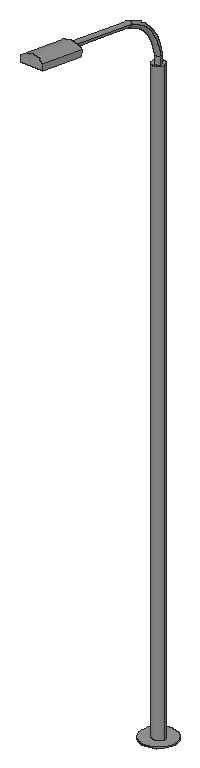
Revit family "Стальной фонарный столб «Техно-Э» со светильником Арт 10234", category Антураж, Revit 2018
Family settings
  На основе рабочей плоскости = Нет
  Всегда вертикально = Да
  При загрузке вырезать с полостями = Нет
  Источник визуального образа = Геометрия семейства
  Общий = Нет
  Точка расчета площади = Нет
Parameters (values of type "Версия 6,2 (160 Вт)")
  Ширина = 200 mm  # constant formula
  Цвет каркаса = Сталь
  Описание = if([Модель 3,2 м], "Стальной фонарный столб «Техно-Э» со светильником. Модель 3,2 м (80 Вт)", if([Модель 4,2 м], "Стальной фонарный столб «Техно-Э» со светильником. Модель 4,2 м (120 Вт)", if([Модель 5,2 м], "Стальной фонарный столб «Техно-Э» со светильником. Модель 5,2 м (160 Вт)", "Стальной фонарный столб «Техно-Э» со светильником. Модель 6,2 м (160 Вт)")))  # "Стальной фонарный столб «Техно-Э» со светильником. Модель 6,2 м (160 Вт)"
  Модель 3,2 м = no
  Модель 5,2 м = no
  Модель 4,2 м = no
  Материал изделия = "Сталь"  # constant formula
  Изображение типоразмера = Стальной фонарный столб «Техно-Э» со светильником Арт 10234.jpg
  Изготовитель = "ООО «Хоббика»"  # constant formula
  Длина = 1500 mm  # constant formula
  Группа модели = "Светильники со стальными опорами"  # constant formula
  Высота опоры = Высота - 700 mm  # 5500 mm
  Высота = if([Модель 3,2 м], 3200 mm, if([Модель 4,2 м], 4200 mm, if([Модель 5,2 м], 5200 mm, 6200 mm)))  # 6200 mm
  Артикул товара = "Арт 10234"  # constant formula
  URL = "https://hobbyka.ru/product/stalnoy_fonarnyy_stolb_tekhnoe_so_svetilnikom/"
Types (5, lengths in mm): name | Описание | Модель 3,2 м | Модель 5,2 м | Модель 4,2 м | Высота опоры | Высота
  (no name) | "Стальной фонарный столб «Техно-Э» со светильником. Модель 6,2 м (160 Вт)" | no | no | no | 5500 | 6200
  Версия 3,2 (80 Вт) | "Стальной фонарный столб «Техно-Э» со светильником. Модель 3,2 м (80 Вт)" | yes | no | no | 2500 | 3200
  Версия 4,2 (120 Вт) | "Стальной фонарный столб «Техно-Э» со светильником. Модель 4,2 м (120 Вт)" | no | no | yes | 3500 | 4200
  Версия 5,2 (160 Вт) | "Стальной фонарный столб «Техно-Э» со светильником. Модель 5,2 м (160 Вт)" | no | yes | no | 4500 | 5200
  Версия 6,2 (160 Вт) | "Стальной фонарный столб «Техно-Э» со светильником. Модель 6,2 м (160 Вт)" | no | no | no | 5500 | 6200
Reference planes
  plane 1 "По центру (Вперед/Назад)": y = 0
  plane 2: z = 0
  plane 3 "По центру (Влево/Вправо)": x = 0
  plane 4: y = -1500
  plane 5: x = 200
  plane 6: z = 6200
Forms (mm)
  Extrusion 1, solid, material "Сталь" <- "Цвет каркаса"
    sketch origin (100, -54, 0) x (1, 0, 0) y (0, 1, 0)
      loop
        circle (0, 0) r 54
    from 5500 <- "Высота опоры" to 0
  Extrusion 2, solid, material "Сталь" <- "Цвет каркаса"
    sketch origin (0, 0, 0) x (1, 0, 0) y (0, 1, 0)
      loop
        circle (100, -54) r 154
    from 0 to 10
Dimensions and locks
  "Длина": plane 4 to plane 1 "По центру (Вперед/Назад)"
  "Ширина": plane 3 "По центру (Влево/Вправо)" to plane 5
  "Высота": plane 6 to level
  aligned and locked: level to plane 2
  aligned and locked: plane 6 to nested 1
  aligned and locked: Extrusion 1 to level
Automatic sketch dimensions
  plane 3 "По центру (Влево/Вправо)" to Extrusion 1 sketch curve = 100 mm
  plane 1 "По центру (Вперед/Назад)" to Extrusion 1 sketch curve = 54 mm
  Extrusion 2 sketch curve to Extrusion 2 sketch curve = 0 mm  (x2)
  plane 3 "По центру (Влево/Вправо)" to Extrusion 2 sketch curve = 100 mm
  plane 1 "По центру (Вперед/Назад)" to Extrusion 2 sketch curve = 54 mm
  Extrusion 2 sketch curve to plane 3 "По центру (Влево/Вправо)" = 54 mm
  radius of Extrusion 1 sketch curve = 54 mm
Nested families
  nested 1: "Стальной фонарный столб «Техно-Э» со светильником светильник" at (100, -54, 5500), type "Стальной фонарный столб «Техно-Э» со светильником светильник"
Definition of nested family "Стальной фонарный столб «Техно-Э» со светильником светильник"
  Parameters (values of type "Стальной фонарный столб «Техно-Э» со светильником светильник")
    Цвет каркаса = none
    Height = 0 mm
  Reference planes
    plane 1 "По центру (Вперед/Назад)": y = 0
    plane 2: z = 0
    plane 3 "По центру (Влево/Вправо)": x = 0
    plane 4: z = 700
  Forms (mm)
    Sweep 1, solid, material <- "Цвет каркаса"
      path origin (0, 0, 11.553) x (0, 1, 0) y (0, 0, 1)
        loop
          line (0, -11.553) -> (0, 65)
          arc (0, 65) -> (-116.062, 308.612) -> (-341.151, 457.449) r 504.062
          line (-341.151, 457.449) -> (-1001.645, 573.912)
      profile origin (0, 0, 38.277) x (0, -1, 0) y (1, 0, 0)
        loop
          circle (0, 0) r 25
    Extrusion 2, solid
      sketch origin (0, -145.265, -226.864) x (1, 0, 0) y (0, 0.173648, 0.984808)
        loop
          line (-100, 595.424) -> (100, 595.424) -> (100, 649.757)
          arc (100, 649.757) -> (0, 689.757) -> (-100, 649.757) r 145
          line (-100, 649.757) -> (-100, 595.424)
      from 984.429 to 1425.79
  Dimensions and locks
    plane 4 to level = 700 mm
    aligned and locked: level to plane 2
